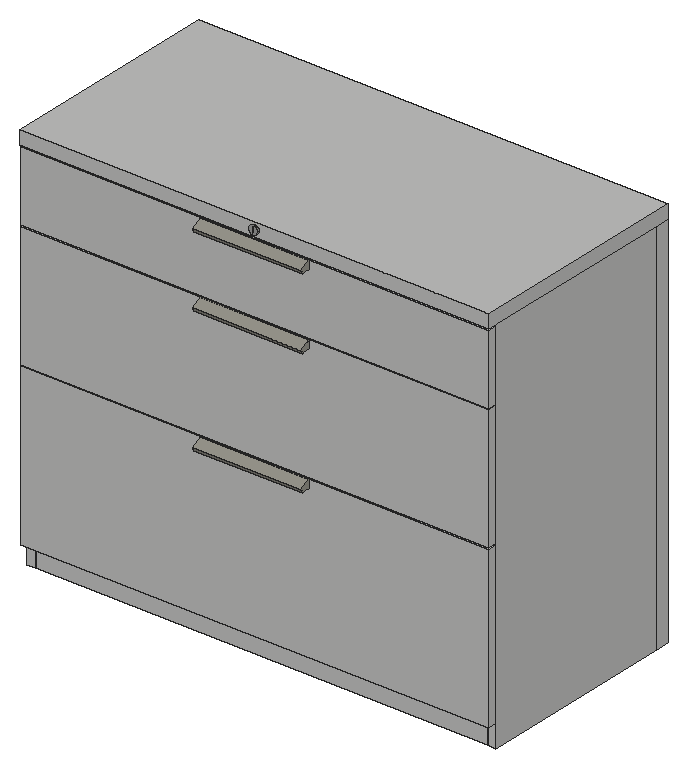
Revit family "Storage-Teknion-PLDCS_Counter_Height_Drawer_Cabinet_Standard-R2015", category Furniture, Revit 2015
Parameters (values of type "Standard")
  Width [instance] = 42.0000"
  Warranty = "http://www.teknion.com/ca/papers/legal-canada"
  Unit Weight URL = "http://www.teknion.com/ca/tools/assets#&asset=bee6a381-b954-425e-8283-5a2de3a804f2,f828d448-4b62-4231-9e5f-9a8991c0ed77"
  URL = "www.teknion.com"
  Top of Top Drawer [instance] = if(Drawer Combination Choice, 6.2440", 9.4430")  # 6.2440"
  Top of Middle Drawer [instance] = 11.0790"  # constant formula
  Top of Bottom Drawer [instance] = if(Drawer Combination Choice, 14.2790", 11.0790")  # 14.2790"
  Sustainability Data = "http://www.teknion.com/ca/tools/assets#&topic=216f99a5-57a0-44fc-b10a-9dee9b29ae4c&asset=444deb64-fe58-4b68-981e-f75e97781df7"
  Series = "Ledger Plus"  # constant formula
  Product Page URL = "http://www.teknion.com/ca/products/product-details?productlineid=1293336e-8e7a-673b-a6c8-ff00004460c4"
  Product Line = "Filing and Storage"
  Product Documentation Link = "http://www.teknion.com/pricing/filing-storage/pdfs/PLDCS_ppg.pdf"
  Part Number = "PLDCS"
  Model = "PLDCS_"
  Manufacturer Phone = "416-661-3370"  # constant formula
  Manufacturer Fax = "416.661.4586"  # constant formula
  Manufacturer Contact Information = "http://www.teknion.com/ca/contactus"
  Manufacturer Address = "1150 Flint Road, Toronto, ON. M3J 2J5. Canada"  # constant formula
  Manufacturer = "Teknion"  # constant formula
  Lock Finish [instance] = Stainless Steel, Polished
  Interpret Handle Style [instance] = not(District Handle Style)  # no
  Interpret Handle Secondary Finish [instance] = Paint - Teknion - Accent - Mineral Teal
  Interpret Handle Finish [instance] = Paint - Teknion - Foundation - Crisp Grey
  Height = 35.2000"  # constant formula
  Front Finish [instance] = Paint - Teknion - Foundation - Crisp Grey
  Drawer Combination Choice [instance] = yes
  District Handle Style [instance] = yes
  District Handle Finish [instance] = Paint - Teknion - Foundation - Ebony
  District Cutout [instance] = if(Interpret Handle Style, 7.0000", 1.0000")  # 1.0000"
  Description = "Counter Height Drawer Cabinet - Standard"
  Depth [instance] = 20.0000"
  Chosen Drawer Combination [instance] = if(Drawer Combination Choice, "Box/ File/ Extra Large File", "Box/ File/ File")  # "Box/ File/ Extra Large File"
  Case Finish [instance] = Paint - Teknion - Foundation - Crisp Grey
  Bottom of Top Drawer [instance] = 0.1210"  # constant formula
  Bottom of Middle Drawer [instance] = 0.1210"  # constant formula
  Bottom of Bottom Drawer [instance] = 1.9820"  # constant formula
  Available Widths [instance] = "Available Depths= 24, 30 ,36 ,42 inches."  # constant formula
  Available Drawer Combination = "[checked]= Box/File/Extra Large File [unchecked]= Box/ File/ File"  # constant formula
  Available Depths [instance] = "Available Depths = 18, 20 inches."  # constant formula
  Assembly Code = "E2020200"
Reference planes (in)
  plane 1 "Center Front/Back": y = 0
  plane 2: z = 0
  plane 3 "Center Left/Right": x = 0
  plane 4 "Left": x = -21
  plane 5 "Right": x = 21
  plane 6 "Back": y = 10
  plane 7 "Front": y = -10
  plane 8 "Top": z = 35.2
  plane 9 "Left Inner": x = -20.25
  plane 10 "Right Inner": x = 20.25
  plane 11 "Top Underside": z = 33.96
  plane 12 "Drawer back": y = -9.25
  plane 13 "Case Front": y = -9.195
  plane 14 "Bottom Base": z = 1.806
  plane 15: y = 9.25
  plane 16: y = 8.73
  plane 17 "bottom of bottom": z = 1.982
  plane 18 "top of bottom": z = 16.261
  plane 19 "bottom of middle": z = 16.382
  plane 20 "top of middle": z = 27.461
  plane 21 "bottom of top": z = 27.582
  plane 22 "top of top": z = 33.826
  plane 23 "Cutout": y = -15
  plane 24: x = 20.9375
  plane 25: x = -20.9375
  plane 26: y = -10.1
Forms (in)
  Extrusion 1, solid, material "Paint - Teknion - Foundation - Crisp Grey" <- "Case Finish"
    sketch origin (0, 0, 33.96) x (-1, 0, 0) y (0, -1, 0)
      loop
        line (21, -10) -> (21, 10) -> (-21, 10) -> (-21, -10) -> (21, -10)
    from 0 to 1.24
  Extrusion 2, solid, material "Paint - Teknion - Foundation - Crisp Grey" <- "Case Finish"
    sketch origin (0, 0, 1.806) x (-1, 0, 0) y (0, -1, 0)
      loop
        line (20.25, -9.25) -> (20.25, 9.195) -> (-20.25, 9.195) -> (-20.25, -9.25) -> (20.25, -9.25)
    from -1.806 to 0.75
  Extrusion 3, solid, material "Paint - Teknion - Foundation - Crisp Grey" <- "Case Finish"
    sketch origin (0, 0, 0) x (1, 0, 0) y (0, 1, 0)
      loop
        line (-21, 10) -> (-21, 8.73) -> (-20.25, 8.73) -> (-20.25, 9.25) -> (20.25, 9.25) -> (20.25, 8.73) -> (21, 8.73) -> (21, 10) -> (-21, 10)
    from 0 to 33.96
  Extrusion 4, solid, material "Paint - Teknion - Foundation - Crisp Grey" <- "Case Finish"
    sketch origin (0, 0, 0) x (1, 0, 0) y (0, 1, 0)
      loop
        line (-21, 8.73) -> (-21, -9.195) -> (-20.25, -9.195) -> (-20.25, 8.73) -> (-21, 8.73)
    from 0 to 33.96
  Extrusion 5, solid, material "Paint - Teknion - Foundation - Crisp Grey" <- "Case Finish"
    sketch origin (0, 0, 0) x (1, 0, 0) y (0, 1, 0)
      loop
        line (20.25, 8.73) -> (20.25, -9.195) -> (21, -9.195) -> (21, 8.73) -> (20.25, 8.73)
    from 0 to 33.96
  Extrusion 6, solid, material "Paint - Teknion - Foundation - Crisp Grey" <- "Front Finish"
    sketch origin (0, 0, 1.982) x (-1, 0, 0) y (0, -1, 0)
      loop
        line (20.9375, 9.25) -> (20.9375, 10) -> (-20.9375, 10) -> (-20.9375, 9.25) -> (20.9375, 9.25)
    from 0 to 14.279
  Extrusion 7, solid, material "Paint - Teknion - Foundation - Crisp Grey" <- "Front Finish"
    sketch origin (0, 0, 27.582) x (-1, 0, 0) y (0, -1, 0)
      loop
        line (20.9375, 9.25) -> (20.9375, 10) -> (-20.9375, 10) -> (-20.9375, 9.25) -> (20.9375, 9.25)
    from 6.244 to 0
  Extrusion 8, solid, material "Paint - Teknion - Foundation - Crisp Grey" <- "Front Finish"
    sketch origin (0, 0, 16.382) x (-1, 0, 0) y (0, -1, 0)
      loop
        line (20.9375, 9.25) -> (20.9375, 10) -> (-20.9375, 10) -> (-20.9375, 9.25) -> (20.9375, 9.25)
    from 0 to 11.079
  Extrusion 9, solid, material "Paint - Teknion - Foundation - Ebony" <- "District Handle Finish", visible <- "District Handle Style"
    sketch origin (0, 0, 0) x (0, 1, 0) y (0, 0, 1)
      loop
        line (-10, 33.39299) -> (-10, 33.826) -> (-10.86603, 33.326) -> (-10.67853, 33.00124)
        arc (-10.67853, 33.00124) -> (-10.34625, 33.10064) -> (-10, 33.08079) r 1.00175
        line (-10, 33.08079) -> (-10, 33.39299)
    from -4.8425 to 4.8425
  Extrusion 10, solid, material "Paint - Teknion - Foundation - Ebony" <- "District Handle Finish", visible <- "District Handle Style"
    sketch origin (0, 0, 0) x (0, 1, 0) y (0, 0, 1)
      loop
        line (-10, 27.02799) -> (-10, 27.461) -> (-10.86603, 26.961) -> (-10.67853, 26.63624)
        arc (-10.67853, 26.63624) -> (-10.34625, 26.73564) -> (-10, 26.71579) r 1.00175
        line (-10, 26.71579) -> (-10, 27.02799)
    from -4.8425 to 4.8425
  Extrusion 11, solid, material "Paint - Teknion - Foundation - Ebony" <- "District Handle Finish", visible <- "District Handle Style"
    sketch origin (0, 0, 0) x (0, 1, 0) y (0, 0, 1)
      loop
        line (-10, 15.82799) -> (-10, 16.261) -> (-10.86603, 15.761) -> (-10.67853, 15.43624)
        arc (-10.67853, 15.43624) -> (-10.34625, 15.53564) -> (-10, 15.51579) r 1.00175
        line (-10, 15.51579) -> (-10, 15.82799)
    from -4.8425 to 4.8425
  Extrusion 12, solid, material "Paint - Teknion - Foundation - Crisp Grey" <- "Case Finish"
    sketch origin (0, 0, 0) x (1, 0, 0) y (0, 1, 0)
      loop
        line (-20.25, -9.195) -> (20.25, -9.195) -> (20.25, -8.445) -> (-20.25, -8.445) -> (-20.25, -9.195)
    from 0 to 1.806
  Extrusion 13, void
    sketch origin (0, -15, 0) x (-1, 0, 0) y (0, 0, 1)
      loop
        line (4.515, 33.826) -> (-4.515, 33.826) -> (-4.515, 32.411)
        arc (-4.515, 32.411) -> (-4.45642, 32.26958) -> (-4.315, 32.211) r 0.2
        line (-4.315, 32.211) -> (4.315, 32.211)
        arc (4.315, 32.211) -> (4.45642, 32.26958) -> (4.515, 32.411) r 0.2
        line (4.515, 32.411) -> (4.515, 33.826)
    from 0 to 1 <- "District Cutout"
  Extrusion 14, void
    sketch origin (0, -15, 0) x (-1, 0, 0) y (0, 0, 1)
      loop
        line (4.515, 27.461) -> (-4.515, 27.461) -> (-4.515, 26.046)
        arc (-4.515, 26.046) -> (-4.45642, 25.90458) -> (-4.315, 25.846) r 0.2
        line (-4.315, 25.846) -> (4.315, 25.846)
        arc (4.315, 25.846) -> (4.45642, 25.90458) -> (4.515, 26.046) r 0.2
        line (4.515, 26.046) -> (4.515, 27.461)
    from 0 to 1 <- "District Cutout"
  Extrusion 15, void
    sketch origin (0, -15, 0) x (-1, 0, 0) y (0, 0, 1)
      loop
        line (4.515, 16.261) -> (-4.515, 16.261) -> (-4.515, 14.846)
        arc (-4.515, 14.846) -> (-4.45642, 14.70458) -> (-4.315, 14.646) r 0.2
        line (-4.315, 14.646) -> (4.315, 14.646)
        arc (4.315, 14.646) -> (4.45642, 14.70458) -> (4.515, 14.846) r 0.2
        line (4.515, 14.846) -> (4.515, 16.261)
    from 0 to 1 <- "District Cutout"
  Extrusion 16, solid, material "Stainless Steel, Polished" <- "Lock Finish"
    sketch origin (0, -10, 0) x (-1, 0, 0) y (0, 0, -1)
      loop
        circle (0.00074, -34.58) r 0.4
      loop
        line (0.06343, -34.80017) -> (0.06343, -34.35983) -> (-0.06194, -34.35983) -> (-0.06194, -34.80017) -> (0.06343, -34.80017)
    from 0.1 to 0
  Extrusion 17, solid, material "Paint - Teknion - Foundation - Crisp Grey" <- "Interpret Handle Finish", visible <- "Interpret Handle Style"
    sketch origin (0, -10, 0) x (-1, 0, 0) y (0, 0, -1)
      loop
        arc (4.618, -32.51893) -> (4.50265, -32.24045) -> (4.22417, -32.1251) r 0.39383
        line (4.22417, -32.1251) -> (-4.12448, -32.1251)
        arc (-4.12448, -32.1251) -> (-4.47345, -32.26965) -> (-4.618, -32.61862) r 0.49352
        line (-4.618, -32.61862) -> (-4.618, -33.8746) -> (4.618, -33.8746) -> (4.618, -32.51893)
    from 0 to 0.044
  Extrusion 18, solid, material "Paint - Teknion - Foundation - Crisp Grey" <- "Interpret Handle Finish", visible <- "Interpret Handle Style"
    sketch origin (0, -10, 0) x (-1, 0, 0) y (0, 0, -1)
      loop
        arc (4.618, -26.15393) -> (4.50265, -25.87545) -> (4.22417, -25.7601) r 0.39383
        line (4.22417, -25.7601) -> (-4.12448, -25.7601)
        arc (-4.12448, -25.7601) -> (-4.47345, -25.90465) -> (-4.618, -26.25362) r 0.49352
        line (-4.618, -26.25362) -> (-4.618, -27.5096) -> (4.618, -27.5096) -> (4.618, -26.15393)
    from 0 to 0.044
  Extrusion 19, solid, material "Paint - Teknion - Foundation - Crisp Grey" <- "Interpret Handle Finish", visible <- "Interpret Handle Style"
    sketch origin (0.07513, -10, 0) x (-1, 0, 0) y (0, 0, -1)
      loop
        arc (4.64329, -14.95393) -> (4.52794, -14.67545) -> (4.24946, -14.5601) r 0.39383
        line (4.24946, -14.5601) -> (-4.09919, -14.5601)
        arc (-4.09919, -14.5601) -> (-4.44816, -14.70465) -> (-4.59271, -15.05362) r 0.49352
        line (-4.59271, -15.05362) -> (-4.59271, -16.3096) -> (4.64329, -16.3096) -> (4.64329, -14.95393)
    from 0 to 0.044
  Extrusion 20, solid, material "Paint - Teknion - Foundation - Crisp Grey" <- "Interpret Handle Finish", visible <- "Interpret Handle Style"
    sketch origin (0, -10, 0) x (-1, 0, 0) y (0, 0, -1)
      loop
        line (4.5315, -33.826) -> (4.5315, -32.6785)
        arc (4.5315, -32.6785) -> (4.39457, -32.34793) -> (4.064, -32.211) r 0.4675
        line (4.064, -32.211) -> (-4.064, -32.211)
        arc (-4.064, -32.211) -> (-4.39457, -32.34793) -> (-4.5315, -32.6785) r 0.4675
        line (-4.5315, -32.6785) -> (-4.5315, -33.826) -> (-4.618, -33.826) -> (-4.618, -33.8746) -> (4.618, -33.8746) -> (4.618, -33.826) -> (4.5315, -33.826)
    from 0 to -0.75
  Extrusion 21, solid, material "Paint - Teknion - Foundation - Crisp Grey" <- "Interpret Handle Finish", visible <- "Interpret Handle Style"
    sketch origin (0, -10, 0) x (-1, 0, 0) y (0, 0, -1)
      loop
        line (4.5315, -27.461) -> (4.5315, -26.3135)
        arc (4.5315, -26.3135) -> (4.39457, -25.98293) -> (4.064, -25.846) r 0.4675
        line (4.064, -25.846) -> (-4.064, -25.846)
        arc (-4.064, -25.846) -> (-4.39457, -25.98293) -> (-4.5315, -26.3135) r 0.4675
        line (-4.5315, -26.3135) -> (-4.5315, -27.461) -> (-4.618, -27.461) -> (-4.618, -27.5096) -> (4.618, -27.5096) -> (4.618, -27.461) -> (4.5315, -27.461)
    from 0 to -0.75
  Extrusion 22, solid, material "Paint - Teknion - Foundation - Crisp Grey" <- "Interpret Handle Finish", visible <- "Interpret Handle Style"
    sketch origin (0.07513, -10, 0) x (-1, 0, 0) y (0, 0, -1)
      loop
        line (4.55679, -16.261) -> (4.55679, -15.1135)
        arc (4.55679, -15.1135) -> (4.41986, -14.78293) -> (4.08929, -14.646) r 0.4675
        line (4.08929, -14.646) -> (-4.03872, -14.646)
        arc (-4.03872, -14.646) -> (-4.36929, -14.78293) -> (-4.50621, -15.1135) r 0.4675
        line (-4.50621, -15.1135) -> (-4.50621, -16.261) -> (-4.59271, -16.261) -> (-4.59271, -16.3096) -> (4.64329, -16.3096) -> (4.64329, -16.261) -> (4.55679, -16.261)
    from 0 to -0.75
  Extrusion 23, void
    sketch origin (0, 0, 0) x (0, 1, 0) y (0, 0, 1)
      loop
        line (-10.044, 32.22243) -> (-9.94181, 32.56003) -> (-9.91434, 32.59366) -> (-9.8833, 32.58972) -> (-9.85079, 32.54197) -> (-9.83665, 32.5086) -> (-9.79356, 32.46487) -> (-9.73867, 32.42397) -> (-9.66568, 32.3883) -> (-9.59017, 32.3667) -> (-9.54276, 32.36301) -> (-9.3409, 32.36089) -> (-9.3409, 33.6892) -> (-9.56257, 33.68649) -> (-9.69401, 33.64991) -> (-9.78341, 33.59354) -> (-9.82935, 33.55149) -> (-9.84769, 33.51904) -> (-9.85605, 33.48157) -> (-9.89655, 33.45806) -> (-10.01601, 33.4591)
        arc (-10.01601, 33.4591) -> (-10.03511, 33.46163) -> (-10.044, 33.47871) r 0.02086
        line (-10.044, 33.47871) -> (-10.044, 32.22243)
    from -4.1195 to 4.1195
  Extrusion 24, void
    sketch origin (0, 0, 0) x (0, 1, 0) y (0, 0, 1)
      loop
        line (-10.044, 25.85743) -> (-9.94181, 26.19503) -> (-9.91434, 26.22866) -> (-9.8833, 26.22472) -> (-9.85079, 26.17697) -> (-9.83665, 26.1436) -> (-9.79356, 26.09987) -> (-9.73867, 26.05897) -> (-9.66568, 26.0233) -> (-9.59017, 26.0017) -> (-9.54276, 25.99801) -> (-9.3409, 25.99589) -> (-9.3409, 27.3242) -> (-9.56257, 27.32149) -> (-9.69401, 27.28491) -> (-9.78341, 27.22854) -> (-9.82935, 27.18649) -> (-9.84769, 27.15404) -> (-9.85605, 27.11657) -> (-9.89655, 27.09306) -> (-10.01601, 27.0941)
        arc (-10.01601, 27.0941) -> (-10.03511, 27.09663) -> (-10.044, 27.11371) r 0.02086
        line (-10.044, 27.11371) -> (-10.044, 25.85743)
    from -4.1195 to 4.1195
  Extrusion 25, void
    sketch origin (0, 0, 0) x (0, 1, 0) y (0, 0, 1)
      loop
        line (-10.044, 14.65743) -> (-9.94181, 14.99503) -> (-9.91434, 15.02866) -> (-9.8833, 15.02472) -> (-9.85079, 14.97697) -> (-9.83665, 14.9436) -> (-9.79356, 14.89987) -> (-9.73867, 14.85897) -> (-9.66568, 14.8233) -> (-9.59017, 14.8017) -> (-9.54276, 14.79801) -> (-9.3409, 14.79589) -> (-9.3409, 16.1242) -> (-9.56257, 16.12149) -> (-9.69401, 16.08491) -> (-9.78341, 16.02854) -> (-9.82935, 15.98649) -> (-9.84769, 15.95404) -> (-9.85605, 15.91657) -> (-9.89655, 15.89306) -> (-10.01601, 15.8941)
        arc (-10.01601, 15.8941) -> (-10.03511, 15.89663) -> (-10.044, 15.91371) r 0.02086
        line (-10.044, 15.91371) -> (-10.044, 14.65743)
    from -4.1195 to 4.1195
Cuts and joins
  Extrusion 13 cuts Extrusion 7
  Extrusion 14 cuts Extrusion 8
  Extrusion 15 cuts Extrusion 6
  Extrusion 23 cuts Extrusion 17
  Extrusion 23 cuts Extrusion 20
  joined: Extrusion 17, Extrusion 20
  Extrusion 24 cuts Extrusion 18
  Extrusion 24 cuts Extrusion 21
  joined: Extrusion 18, Extrusion 21
  Extrusion 25 cuts Extrusion 19
  Extrusion 25 cuts Extrusion 22
  joined: Extrusion 19, Extrusion 22
Lines and regions (in)
  Masking region 1
    outline origin (0, 0, 0) x (1, 0, 0) y (0, 1, 0)
      loop
        line (-21, 10) -> (-21, -10) -> (21, -10) -> (21, 10) -> (-21, 10)
  Masking region 2, visible <- "Interpret Handle Style"
    outline origin (0, 0, 0) x (1, 0, 0) y (0, 1, 0)
      loop
        line (-4.618, -10.044) -> (4.66784, -10.044) -> (4.66784, -10) -> (-4.618, -10) -> (-4.618, -10.044)
  Masking region 3, visible <- "District Handle Style"
    outline origin (0, 0, 0) x (1, 0, 0) y (0, 1, 0)
      loop
        line (-4.8425, -10) -> (-4.8425, -10.86603) -> (4.8425, -10.86603) -> (4.8425, -10) -> (-4.8425, -10)
  Masking region 4
    outline origin (0, 0, 0) x (1, 0, 0) y (0, 1, 0)
      loop
        line (-0.40074, -10) -> (-0.40074, -10.1) -> (0.39926, -10.1) -> (0.39926, -10) -> (-0.40074, -10)
  symbolic lines, style "FurnitureHiddenLines", detail levels medium+fine
    curve 1: line (-20.9375, -10, 0) -> (-20.9375, -9.25, 0)
    curve 2: line (-20.9375, -9.25, 0) -> (20.9375, -9.25, 0)
    curve 3: line (20.9375, -9.25, 0) -> (20.9375, -10, 0)
    curve 4: line (20.25, -9.195, 0) -> (20.25, 9.25, 0)
    curve 5: line (20.25, 9.25, 0) -> (-20.25, 9.25, 0)
    curve 6: line (-20.25, 9.25, 0) -> (-20.25, -9.195, 0)
    curve 7: line (-20.25, -8.445, 0) -> (20.25, -8.445, 0)
    curve 8: line (-21, 8.73, 0) -> (-20.25, 8.73, 0)
    curve 9: line (20.25, 8.73, 0) -> (21, 8.73, 0)
    curve 18: line (-21, -9.195, 0) -> (21, -9.195, 0)
  symbolic lines, style "FurnitureHiddenLines", visible <- "Interpret Handle Style", detail levels medium+fine
    curve 10: line (-4.618, -9.25, 0) -> (-4.618, -10, 0)
    curve 11: line (4.66784, -9.25, 0) -> (4.66784, -10, 0)
  symbolic lines
    curve 12: line (-0.40074, -10, 0) -> (-0.40074, -10.1, 0)
    curve 13: line (-0.40074, -10.1, 0) -> (0.39926, -10.1, 0)
    curve 14: line (0.39926, -10.1, 0) -> (0.39926, -10, 0)
  symbolic lines, style "FurnitureHiddenLines", detail levels fine
    curve 15: line (-4.1195, -10.044, 0) -> (-4.1195, -9.3409, 0)
    curve 16: line (-4.1195, -9.3409, 0) -> (4.1195, -9.3409, 0)
    curve 17: line (4.1195, -9.3409, 0) -> (4.1195, -10.044, 0)
  reference lines, not visible
    curve 19: line (-21, 10, 0) -> (-21, -10, 0)
    curve 20: line (-21, -10, 0) -> (21, -10, 0)
    curve 21: line (21, -10, 0) -> (21, 10, 0)
    curve 22: line (21, 10, 0) -> (-21, 10, 0)
Dimensions and locks (in)
  "Width": plane 4 "Left" to plane 5 "Right"
  "Depth": plane 6 "Back" to plane 7 "Front"
  "Height": plane 8 "Top" to level
  equal spacing: plane 6 "Back", plane 1 "Center Front/Back", plane 7 "Front"
  equal spacing: plane 4 "Left", plane 3 "Center Left/Right", plane 5 "Right"
  locked: plane 9 "Left Inner" to plane 4 "Left" at 0.75
  locked: plane 5 "Right" to plane 10 "Right Inner" at 0.75
  locked: plane 8 "Top" to plane 11 "Top Underside" at 1.24
  locked: plane 7 "Front" to plane 12 "Drawer back" at 0.75
  locked: plane 13 "Case Front" to plane 12 "Drawer back" at 0.055
  plane 14 "Bottom Base" to level = 1.8060"
  locked: plane 6 "Back" to plane 16 at 1.27
  locked: plane 6 "Back" to plane 15 at 0.75
  "Bottom of Bottom Drawer": plane 17 "bottom of bottom" to level
  "Top of Bottom Drawer": plane 18 "top of bottom" to plane 17 "bottom of bottom"
  "Bottom of Middle Drawer": plane 19 "bottom of middle" to plane 18 "top of bottom"
  "Top of Middle Drawer": plane 20 "top of middle" to plane 19 "bottom of middle"
  "Bottom of Top Drawer": plane 21 "bottom of top" to plane 20 "top of middle"
  "Top of Top Drawer": plane 22 "top of top" to plane 21 "bottom of top"
  plane 4 "Left" to Extrusion 6 sketch curve = 0.0625"
  locked: Extrusion 6 sketch curve to plane 5 "Right" at 0.0625
  locked: Extrusion 9 sketch curve to plane 7 "Front" at 0
  locked: Extrusion 9 sketch curve to plane 22 "top of top" at 0
  locked: Extrusion 10 sketch curve to plane 7 "Front" at 0
  locked: Extrusion 10 sketch curve to plane 20 "top of middle" at 0
  locked: Extrusion 11 sketch curve to plane 7 "Front" at 0
  locked: Extrusion 11 sketch curve to plane 18 "top of bottom" at 0
  locked: Extrusion 12 sketch curve to plane 13 "Case Front" at 0.75
  locked: plane 23 "Cutout" to Extrusion 8 at 5
  locked: Extrusion 13 sketch curve to Extrusion 13 sketch curve at 9.03
  locked: Extrusion 13 sketch curve to Extrusion 13 sketch curve at 1.615
  locked: Extrusion 14 sketch curve to Extrusion 14 sketch curve at 9.03
  locked: Extrusion 14 sketch curve to Extrusion 14 sketch curve at 1.615
  locked: Extrusion 15 sketch curve to Extrusion 15 sketch curve at 9.03
  locked: Extrusion 15 sketch curve to Extrusion 15 sketch curve at 1.615
  locked: Extrusion 13 sketch curve to plane 22 "top of top" at 0
  locked: Extrusion 14 sketch curve to plane 20 "top of middle" at 0
  locked: Extrusion 15 sketch curve to plane 18 "top of bottom" at 0
  Extrusion 16 sketch curve to plane 3 "Center Left/Right" to Extrusion 16 sketch curve to Extrusion 16 sketch curve = 0.06194" locked, 0.00074" locked, 0.06269" locked
  plane 8 "Top" to Extrusion 16 sketch curve to Extrusion 16 sketch curve to Extrusion 16 sketch curve = 0.39983" locked, 0.22017" locked, 0.22017" locked
  locked: Extrusion 17 sketch curve to Extrusion 17 sketch curve at 9.236
  locked: Extrusion 17 sketch curve to Extrusion 17 sketch curve at 1.7495
  locked: Extrusion 18 sketch curve to Extrusion 18 sketch curve at 9.236
  locked: Extrusion 18 sketch curve to Extrusion 18 sketch curve at 1.7495
  locked: Extrusion 19 sketch curve to Extrusion 19 sketch curve at 9.236
  locked: Extrusion 19 sketch curve to Extrusion 19 sketch curve at 1.7495
  locked: Extrusion 17 sketch curve to plane 22 "top of top" at 0.0486
  locked: Extrusion 18 sketch curve to plane 20 "top of middle" at 0.0486
  locked: Extrusion 19 sketch curve to plane 18 "top of bottom" at 0.0486
  locked: Extrusion 20 sketch curve to plane 22 "top of top" at 0.0486
  locked: Extrusion 18 to plane 20 "top of middle" at 0.0486
  locked: Extrusion 19 to plane 18 "top of bottom" at 0.0486
  locked: plane 22 "top of top" to Extrusion 23 sketch curve at 0.1368
  locked: plane 12 "Drawer back" to Extrusion 23 sketch curve at 0.0909
  locked: cut or joined group of Extrusion 8, Extrusion 14 to Extrusion 24 sketch curve at 0.1368
  locked: plane 12 "Drawer back" to Extrusion 24 sketch curve at 0.0909
  locked: cut or joined group of Extrusion 6, Extrusion 15 to Extrusion 25 sketch curve at 0.1368
  locked: plane 12 "Drawer back" to Extrusion 25 sketch curve at 0.0909
  locked: plane 5 "Right" to plane 24 at 0.0625
  locked: plane 25 to plane 4 "Left" at 0.0625
  locked: plane 26 to plane 7 "Front" at 0.1
  aligned and locked: level to plane 2
  aligned and locked: plane 5 "Right" to Extrusion 1 sketch curve
  aligned and locked: Extrusion 1 sketch curve to plane 6 "Back"
  aligned and locked: plane 4 "Left" to Extrusion 1 sketch curve
  aligned and locked: Extrusion 1 sketch curve to plane 7 "Front"
  aligned and locked: plane 8 "Top" to Extrusion 1
  aligned and locked: Extrusion 2 sketch curve to plane 15
  aligned and locked: plane 9 "Left Inner" to Extrusion 2 sketch curve
  aligned and locked: plane 13 "Case Front" to Extrusion 2 sketch curve
  aligned and locked: Extrusion 2 sketch curve to plane 10 "Right Inner"
  aligned and locked: Extrusion 3 sketch curve to plane 4 "Left"
  aligned and locked: Extrusion 3 sketch curve to plane 16  (x2)
  aligned and locked: plane 9 "Left Inner" to Extrusion 3 sketch curve
  aligned and locked: Extrusion 3 sketch curve to plane 15
  aligned and locked: Extrusion 3 sketch curve to plane 10 "Right Inner"
  aligned and locked: Extrusion 3 sketch curve to plane 5 "Right"
  aligned and locked: plane 6 "Back" to Extrusion 3 sketch curve
  aligned and locked: plane 11 "Top Underside" to Extrusion 3
  aligned and locked: plane 4 "Left" to Extrusion 4 sketch curve
  aligned and locked: Extrusion 4 sketch curve to plane 9 "Left Inner"
  aligned and locked: plane 13 "Case Front" to Extrusion 4 sketch curve
  aligned and locked: Extrusion 4 sketch curve to plane 16
  aligned and locked: Extrusion 5 sketch curve to plane 16
  aligned and locked: plane 10 "Right Inner" to Extrusion 5 sketch curve
  aligned and locked: plane 13 "Case Front" to Extrusion 5 sketch curve
  aligned and locked: plane 5 "Right" to Extrusion 5 sketch curve
  aligned and locked: plane 11 "Top Underside" to Extrusion 4
  aligned and locked: plane 11 "Top Underside" to Extrusion 5
  aligned and locked: Extrusion 6 sketch curve to plane 12 "Drawer back"
  aligned and locked: Extrusion 6 sketch curve to plane 7 "Front"
  aligned and locked: plane 18 "top of bottom" to Extrusion 6
  aligned and locked: Extrusion 7 sketch curve to plane 12 "Drawer back"
  aligned and locked: Extrusion 7 sketch curve to plane 7 "Front"
  aligned and locked: Extrusion 8 sketch curve to plane 12 "Drawer back"
  aligned and locked: Extrusion 8 sketch curve to plane 7 "Front"
  aligned and locked: plane 22 "top of top" to Extrusion 7
  aligned and locked: plane 20 "top of middle" to Extrusion 8
  aligned and locked: Extrusion 12 sketch curve to plane 13 "Case Front"
  aligned and locked: Extrusion 12 sketch curve to plane 9 "Left Inner"
  aligned and locked: plane 10 "Right Inner" to Extrusion 12 sketch curve
  aligned and locked: plane 14 "Bottom Base" to Extrusion 12
  aligned and locked: plane 12 "Drawer back" to Extrusion 21
  aligned and locked: plane 12 "Drawer back" to Extrusion 20
  aligned and locked: plane 12 "Drawer back" to Extrusion 22
  aligned and locked: Masking region 3 sketch curve to Extrusion 9  (x3)
  aligned and locked: plane 7 "Front" to Masking region 3 sketch curve
  aligned and locked: Masking region 4 sketch curve to Extrusion 16
  aligned and locked: plane 7 "Front" to Masking region 4 sketch curve
  aligned and locked: curve 9 to plane 16
  aligned and locked: plane 10 "Right Inner" to curve 4
  aligned and locked: curve 7 to Extrusion 12
  aligned and locked: curve 6 to plane 9 "Left Inner"
  aligned and locked: curve 8 to plane 16
  aligned and locked: curve 10 to cut or joined group of Extrusion 17, Extrusion 20, Extrusion 23
  aligned and locked: curve 11 to cut or joined group of Extrusion 19, Extrusion 22, Extrusion 25
  aligned and locked: plane 9 "Left Inner" to Extrusion 4
  aligned and locked: plane 9 "Left Inner" to Extrusion 3
  aligned and locked: plane 16 to Extrusion 4
  aligned and locked: Masking region 3 to Extrusion 9  (x3)
  aligned and locked: cut or joined group of Extrusion 17, Extrusion 20, Extrusion 23 to Masking region 2
  aligned and locked: Masking region 2 to cut or joined group of Extrusion 19, Extrusion 22, Extrusion 25
  aligned and locked: Masking region 2 to cut or joined group of Extrusion 17, Extrusion 20, Extrusion 23
  aligned and locked: Masking region 2 to plane 7 "Front"
  aligned and locked: curve 14 to Masking region 4
  aligned and locked: curve 12 to Masking region 4
  aligned and locked: curve 13 to Extrusion 16
  aligned and locked: Masking region 1 to plane 4 "Left"
  aligned and locked: Masking region 1 to plane 5 "Right"
  aligned and locked: plane 6 "Back" to Masking region 1
  aligned and locked: plane 7 "Front" to Masking region 1
  aligned and locked: curve 18 to plane 13 "Case Front"
  aligned and locked: plane 6 "Back" to curve 22
  aligned and locked: curve 21 to plane 5 "Right"
  aligned and locked: plane 7 "Front" to curve 20
  aligned and locked: curve 19 to plane 4 "Left"
  aligned and locked: Extrusion 1 to plane 11 "Top Underside"
  aligned and locked: Extrusion 4 to plane 2
  aligned and locked: Extrusion 5 to plane 2
  aligned and locked: Extrusion 12 to plane 2
  aligned and locked: Extrusion 3 to plane 2
  aligned and locked: Extrusion 2 to plane 2
  aligned and locked: plane 24 to cut or joined group of Extrusion 7, Extrusion 13
  aligned and locked: plane 24 to cut or joined group of Extrusion 8, Extrusion 14
  aligned and locked: plane 24 to cut or joined group of Extrusion 6, Extrusion 15
  aligned and locked: cut or joined group of Extrusion 7, Extrusion 13 to plane 25
  aligned and locked: cut or joined group of Extrusion 8, Extrusion 14 to plane 25
  aligned and locked: cut or joined group of Extrusion 6, Extrusion 15 to plane 25
  aligned and locked: cut or joined group of Extrusion 8, Extrusion 14 to plane 19 "bottom of middle"
  aligned and locked: cut or joined group of Extrusion 7, Extrusion 13 to plane 21 "bottom of top"
  aligned and locked: cut or joined group of Extrusion 6, Extrusion 15 to plane 17 "bottom of bottom"
  aligned and locked: Extrusion 16 to plane 7 "Front"
  aligned and locked: plane 26 to Extrusion 16
Automatic sketch dimensions
  Extrusion 3 sketch curve to plane 5 "Right" = 0.0000"
  plane 7 "Front" to Extrusion 9 sketch curve = 0.22961"
  plane 7 "Front" to Extrusion 9 sketch curve = 0.67853"
  Extrusion 9 sketch curve to plane 22 "top of top" = 0.5000"
  Extrusion 9 sketch curve to Extrusion 9 sketch curve = 0.1875"
  Extrusion 9 sketch curve to Extrusion 9 sketch curve = 0.89553"
  Extrusion 9 sketch curve to Extrusion 9 sketch curve = 0.3122"
  plane 7 "Front" to Extrusion 10 sketch curve = 0.22961"
  plane 7 "Front" to Extrusion 10 sketch curve = 0.67853"
  Extrusion 10 sketch curve to plane 20 "top of middle" = 0.5000"
  Extrusion 10 sketch curve to Extrusion 10 sketch curve = 0.1875"
  Extrusion 10 sketch curve to Extrusion 10 sketch curve = 0.89553"
  Extrusion 10 sketch curve to Extrusion 10 sketch curve = 0.3122"
  plane 7 "Front" to Extrusion 11 sketch curve = 0.22961"
  plane 7 "Front" to Extrusion 11 sketch curve = 0.67853"
  Extrusion 11 sketch curve to plane 18 "top of bottom" = 0.5000"
  Extrusion 11 sketch curve to Extrusion 11 sketch curve = 0.1875"
  Extrusion 11 sketch curve to Extrusion 11 sketch curve = 0.89553"
  Extrusion 11 sketch curve to Extrusion 11 sketch curve = 0.3122"
  plane 3 "Center Left/Right" to Extrusion 13 sketch curve = 4.5150"
  Extrusion 13 sketch curve to Extrusion 13 sketch curve = 0.2000"  (x2)
  plane 3 "Center Left/Right" to Extrusion 14 sketch curve = 4.5150"
  Extrusion 14 sketch curve to Extrusion 14 sketch curve = 0.2000"  (x2)
  plane 3 "Center Left/Right" to Extrusion 15 sketch curve = 4.5150"
  Extrusion 15 sketch curve to Extrusion 15 sketch curve = 0.2000"  (x2)
  Extrusion 17 sketch curve to plane 3 "Center Left/Right" = 4.6180"
  Extrusion 17 sketch curve to Extrusion 17 sketch curve = 0.49352"
  Extrusion 17 sketch curve to Extrusion 17 sketch curve = 0.39383"
  Extrusion 18 sketch curve to plane 3 "Center Left/Right" = 4.6180"
  Extrusion 18 sketch curve to Extrusion 18 sketch curve = 0.49352"
  Extrusion 18 sketch curve to Extrusion 18 sketch curve = 0.39383"
  Extrusion 19 sketch curve to plane 3 "Center Left/Right" = 4.66784"
  Extrusion 19 sketch curve to Extrusion 19 sketch curve = 0.49352"
  Extrusion 19 sketch curve to Extrusion 19 sketch curve = 0.39383"
  plane 22 "top of top" to Extrusion 20 sketch curve = 0.0000"  (x2)
  Extrusion 20 sketch curve to plane 3 "Center Left/Right" = 4.6180"
  Extrusion 20 sketch curve to Extrusion 20 sketch curve = 0.0865"  (x2)
  Extrusion 20 sketch curve to Extrusion 20 sketch curve = 0.4675"  (x2)
  plane 22 "top of top" to Extrusion 20 sketch curve = 1.1475"
  plane 3 "Center Left/Right" to Extrusion 20 sketch curve = 4.0640"
  plane 20 "top of middle" to Extrusion 21 sketch curve = 0.0000"  (x2)
  Extrusion 21 sketch curve to plane 3 "Center Left/Right" = 4.6180"
  Extrusion 21 sketch curve to Extrusion 21 sketch curve = 0.0865"  (x2)
  Extrusion 21 sketch curve to Extrusion 21 sketch curve = 0.4675"  (x2)
  plane 20 "top of middle" to Extrusion 21 sketch curve = 1.1475"
  plane 3 "Center Left/Right" to Extrusion 21 sketch curve = 4.0640"
  Extrusion 21 sketch curve to Extrusion 21 sketch curve = 0.0486"
  plane 18 "top of bottom" to Extrusion 22 sketch curve = 0.0000"  (x2)
  Extrusion 22 sketch curve to plane 3 "Center Left/Right" = 4.66784"
  Extrusion 22 sketch curve to Extrusion 22 sketch curve = 0.0865"  (x2)
  Extrusion 22 sketch curve to Extrusion 22 sketch curve = 0.4675"  (x2)
  plane 18 "top of bottom" to Extrusion 22 sketch curve = 1.1475"
  plane 3 "Center Left/Right" to Extrusion 22 sketch curve = 4.01416"
  Extrusion 22 sketch curve to Extrusion 22 sketch curve = 0.0486"
  plane 7 "Front" to Extrusion 23 sketch curve = 0.0440"
  Extrusion 23 sketch curve to Extrusion 23 sketch curve = 0.02086"
  plane 7 "Front" to Extrusion 23 sketch curve = 0.01601"
  Extrusion 23 sketch curve to plane 7 "Front" = 0.05819"
  Extrusion 23 sketch curve to Extrusion 23 sketch curve = 0.02746"
  Extrusion 23 sketch curve to plane 7 "Front" = 0.10345"
  Extrusion 23 sketch curve to Extrusion 23 sketch curve = 0.03105"
  Extrusion 23 sketch curve to Extrusion 23 sketch curve = 0.0405"
  Extrusion 23 sketch curve to Extrusion 23 sketch curve = 0.03251"
  Extrusion 23 sketch curve to Extrusion 23 sketch curve = 0.00836"
  Extrusion 23 sketch curve to Extrusion 23 sketch curve = 0.01413"
  Extrusion 23 sketch curve to Extrusion 23 sketch curve = 0.01834"
  Extrusion 23 sketch curve to Extrusion 23 sketch curve = 0.0431"
  Extrusion 23 sketch curve to Extrusion 23 sketch curve = 0.04595"
  Extrusion 23 sketch curve to Extrusion 23 sketch curve = 0.05489"
  Extrusion 23 sketch curve to Extrusion 23 sketch curve = 0.0894"
  Extrusion 23 sketch curve to Extrusion 23 sketch curve = 0.07299"
  Extrusion 23 sketch curve to Extrusion 23 sketch curve = 0.07551"
  Extrusion 23 sketch curve to plane 22 "top of top" = 0.13951"
  Extrusion 23 sketch curve to Extrusion 23 sketch curve = 0.13144"
  Extrusion 23 sketch curve to Extrusion 23 sketch curve = 0.04741"
  Extrusion 23 sketch curve to Extrusion 23 sketch curve = 0.03657"
  Extrusion 23 sketch curve to Extrusion 23 sketch curve = 0.05637"
  Extrusion 23 sketch curve to Extrusion 23 sketch curve = 0.04206"
  Extrusion 23 sketch curve to Extrusion 23 sketch curve = 0.03244"
  Extrusion 23 sketch curve to Extrusion 23 sketch curve = 0.03747"
  Extrusion 23 sketch curve to Extrusion 23 sketch curve = 0.00286"
  Extrusion 23 sketch curve to Extrusion 23 sketch curve = 0.02351"
  Extrusion 23 sketch curve to Extrusion 23 sketch curve = 0.86441"
  Extrusion 23 sketch curve to Extrusion 23 sketch curve = 0.00394"
  Extrusion 23 sketch curve to Extrusion 23 sketch curve = 0.03363"
  Extrusion 23 sketch curve to Extrusion 23 sketch curve = 0.04775"
  Extrusion 23 sketch curve to Extrusion 23 sketch curve = 0.03337"
  Extrusion 23 sketch curve to Extrusion 23 sketch curve = 0.04373"
  Extrusion 23 sketch curve to Extrusion 23 sketch curve = 0.0409"
  Extrusion 23 sketch curve to Extrusion 23 sketch curve = 0.03567"
  Extrusion 23 sketch curve to Extrusion 23 sketch curve = 0.0216"
  Extrusion 23 sketch curve to Extrusion 23 sketch curve = 0.00369"
  Extrusion 23 sketch curve to Extrusion 23 sketch curve = 0.00211"
  Extrusion 23 sketch curve to Extrusion 23 sketch curve = 0.24244"
  plane 7 "Front" to Extrusion 24 sketch curve = 0.0440"
  Extrusion 24 sketch curve to Extrusion 24 sketch curve = 0.02086"
  plane 7 "Front" to Extrusion 24 sketch curve = 0.01601"
  Extrusion 24 sketch curve to plane 7 "Front" = 0.05819"
  Extrusion 24 sketch curve to Extrusion 24 sketch curve = 0.02746"
  Extrusion 24 sketch curve to plane 7 "Front" = 0.10345"
  Extrusion 24 sketch curve to Extrusion 24 sketch curve = 0.03105"
  Extrusion 24 sketch curve to Extrusion 24 sketch curve = 0.0405"
  Extrusion 24 sketch curve to Extrusion 24 sketch curve = 0.03251"
  Extrusion 24 sketch curve to Extrusion 24 sketch curve = 0.00836"
  Extrusion 24 sketch curve to Extrusion 24 sketch curve = 0.01413"
  Extrusion 24 sketch curve to Extrusion 24 sketch curve = 0.01834"
  Extrusion 24 sketch curve to Extrusion 24 sketch curve = 0.0431"
  Extrusion 24 sketch curve to Extrusion 24 sketch curve = 0.04595"
  Extrusion 24 sketch curve to Extrusion 24 sketch curve = 0.05489"
  Extrusion 24 sketch curve to plane 20 "top of middle" = 0.17609"
  Extrusion 24 sketch curve to Extrusion 24 sketch curve = 0.0894"
  Extrusion 24 sketch curve to Extrusion 24 sketch curve = 0.07299"
  Extrusion 24 sketch curve to Extrusion 24 sketch curve = 0.07551"
  Extrusion 24 sketch curve to plane 20 "top of middle" = 0.13951"
  Extrusion 24 sketch curve to Extrusion 24 sketch curve = 0.13144"
  Extrusion 24 sketch curve to Extrusion 24 sketch curve = 0.04741"
  Extrusion 24 sketch curve to Extrusion 24 sketch curve = 0.05637"
  Extrusion 24 sketch curve to Extrusion 24 sketch curve = 0.04206"
  Extrusion 24 sketch curve to Extrusion 24 sketch curve = 0.03244"
  Extrusion 24 sketch curve to Extrusion 24 sketch curve = 0.03747"
  Extrusion 24 sketch curve to Extrusion 24 sketch curve = 0.00286"
  Extrusion 24 sketch curve to Extrusion 24 sketch curve = 0.02351"
  Extrusion 24 sketch curve to Extrusion 24 sketch curve = 0.86441"
  Extrusion 24 sketch curve to Extrusion 24 sketch curve = 0.00394"
  Extrusion 24 sketch curve to Extrusion 24 sketch curve = 0.03363"
  Extrusion 24 sketch curve to Extrusion 24 sketch curve = 0.04775"
  Extrusion 24 sketch curve to Extrusion 24 sketch curve = 0.03337"
  Extrusion 24 sketch curve to Extrusion 24 sketch curve = 0.04373"
  Extrusion 24 sketch curve to Extrusion 24 sketch curve = 0.0409"
  Extrusion 24 sketch curve to Extrusion 24 sketch curve = 0.03567"
  Extrusion 24 sketch curve to Extrusion 24 sketch curve = 0.0216"
  Extrusion 24 sketch curve to Extrusion 24 sketch curve = 0.00369"
  Extrusion 24 sketch curve to Extrusion 24 sketch curve = 0.00211"
  Extrusion 24 sketch curve to Extrusion 24 sketch curve = 0.24244"
  plane 7 "Front" to Extrusion 25 sketch curve = 0.0440"
  Extrusion 25 sketch curve to Extrusion 25 sketch curve = 0.02086"
  plane 7 "Front" to Extrusion 25 sketch curve = 0.01601"
  Extrusion 25 sketch curve to plane 7 "Front" = 0.05819"
  Extrusion 25 sketch curve to Extrusion 25 sketch curve = 0.02746"
  Extrusion 25 sketch curve to plane 7 "Front" = 0.10345"
  Extrusion 25 sketch curve to Extrusion 25 sketch curve = 0.03105"
  Extrusion 25 sketch curve to Extrusion 25 sketch curve = 0.0405"
  Extrusion 25 sketch curve to Extrusion 25 sketch curve = 0.03251"
  Extrusion 25 sketch curve to Extrusion 25 sketch curve = 0.00836"
  Extrusion 25 sketch curve to Extrusion 25 sketch curve = 0.01413"
  Extrusion 25 sketch curve to Extrusion 25 sketch curve = 0.01834"
  Extrusion 25 sketch curve to Extrusion 25 sketch curve = 0.0431"
  Extrusion 25 sketch curve to Extrusion 25 sketch curve = 0.04595"
  Extrusion 25 sketch curve to Extrusion 25 sketch curve = 0.05489"
  Extrusion 25 sketch curve to plane 18 "top of bottom" = 0.17609"
  Extrusion 25 sketch curve to Extrusion 25 sketch curve = 0.0894"
  Extrusion 25 sketch curve to Extrusion 25 sketch curve = 0.07299"
  Extrusion 25 sketch curve to Extrusion 25 sketch curve = 0.07551"
  Extrusion 25 sketch curve to plane 18 "top of bottom" = 0.13951"
  Extrusion 25 sketch curve to Extrusion 25 sketch curve = 0.13144"
  Extrusion 25 sketch curve to Extrusion 25 sketch curve = 0.04741"
  Extrusion 25 sketch curve to Extrusion 25 sketch curve = 0.05637"
  Extrusion 25 sketch curve to Extrusion 25 sketch curve = 0.04206"
  Extrusion 25 sketch curve to Extrusion 25 sketch curve = 0.03244"
  Extrusion 25 sketch curve to Extrusion 25 sketch curve = 0.03747"
  Extrusion 25 sketch curve to Extrusion 25 sketch curve = 0.00286"
  Extrusion 25 sketch curve to Extrusion 25 sketch curve = 0.02351"
  Extrusion 25 sketch curve to Extrusion 25 sketch curve = 0.86441"
  Extrusion 25 sketch curve to Extrusion 25 sketch curve = 0.00394"
  Extrusion 25 sketch curve to Extrusion 25 sketch curve = 0.03363"
  Extrusion 25 sketch curve to Extrusion 25 sketch curve = 0.04775"
  Extrusion 25 sketch curve to Extrusion 25 sketch curve = 0.03337"
  Extrusion 25 sketch curve to Extrusion 25 sketch curve = 0.04373"
  Extrusion 25 sketch curve to Extrusion 25 sketch curve = 0.0409"
  Extrusion 25 sketch curve to Extrusion 25 sketch curve = 0.03567"
  Extrusion 25 sketch curve to Extrusion 25 sketch curve = 0.0216"
  Extrusion 25 sketch curve to Extrusion 25 sketch curve = 0.00369"
  Extrusion 25 sketch curve to Extrusion 25 sketch curve = 0.00211"
  Extrusion 25 sketch curve to Extrusion 25 sketch curve = 0.24244"
  plane 7 "Front" to Masking region 2 sketch curve = 0.0000"
  Masking region 2 sketch curve to plane 3 "Center Left/Right" = 4.6180"
  plane 3 "Center Left/Right" to Masking region 2 sketch curve = 4.66784"
  plane 7 "Front" to Masking region 2 sketch curve = 0.0440"
  Masking region 4 sketch curve to plane 3 "Center Left/Right" = 0.40074"
  plane 3 "Center Left/Right" to Masking region 4 sketch curve = 0.39926"
  Masking region 1 sketch curve to plane 7 "Front" = 0.0000"
  Masking region 1 sketch curve to plane 6 "Back" = 0.0000"
  Masking region 1 sketch curve to plane 5 "Right" = 0.0000"
  Masking region 1 sketch curve to plane 4 "Left" = 0.0000"
  curve 18 to plane 4 "Left" = 0.0000"
  curve 8 to plane 4 "Left" = 0.0000"
  curve 2 to plane 12 "Drawer back" = 0.0000"
  plane 7 "Front" to curve 1 = 0.0000"
  curve 8 to plane 9 "Left Inner" = 0.0000"
  plane 7 "Front" to curve 3 = 0.0000"
  curve 18 to plane 5 "Right" = 0.0000"
  curve 9 to plane 5 "Right" = 0.0000"
  plane 7 "Front" to curve 14 = 0.0000"
  plane 7 "Front" to curve 12 = 0.0000"
  plane 7 "Front" to curve 11 = 0.0000"
  plane 7 "Front" to curve 10 = 0.0000"
  curve 5 to plane 15 = 0.0000"
  plane 4 "Left" to curve 2 = 0.0625"
  curve 15 to plane 12 "Drawer back" = 0.0909"
  curve 10 to curve 15 = 0.4985"
  curve 16 to curve 11 = 0.54834"
  plane 5 "Right" to curve 2 = 0.0625"
  plane 7 "Front" to curve 15 = 0.0440"
  plane 7 "Front" to curve 17 = 0.0440"
  Extrusion 7 sketch curve to plane 24 = 0.0000"
  Extrusion 7 sketch curve to plane 25 = 0.0000"
  Extrusion 8 sketch curve to plane 24 = 0.0000"
  Extrusion 8 sketch curve to plane 25 = 0.0000"
  radius of Extrusion 16 sketch curve = 0.4000"
